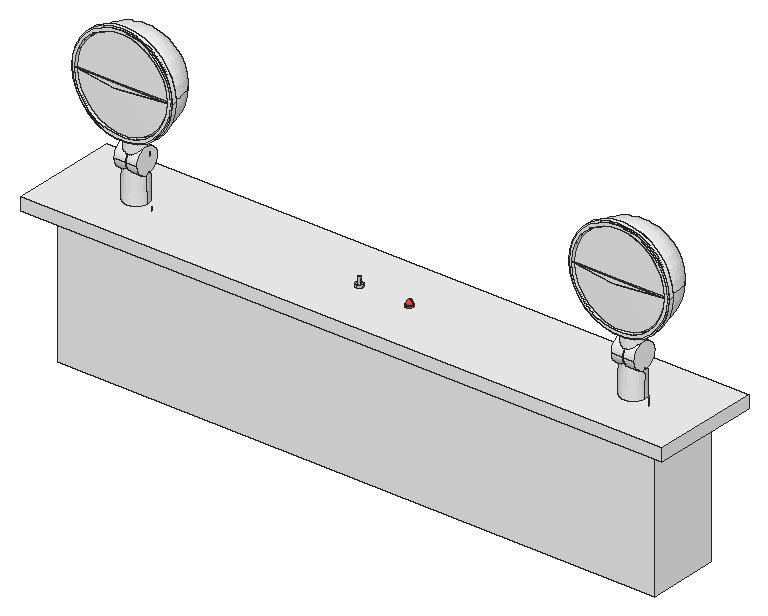
Revit family "CRU", category Lighting Fixtures, host Face, Revit 2021
Family settings
  Host = Face
  Round Connector Dimension = Use Diameter
  Part Type = Normal
  OmniClass Number = 23.80.70.11.14.17
  OmniClass Title = Direct/Indirect
  Cut with Voids When Loaded = No
  Light Source = No
  Shared = Yes
  Room Calculation Point = No
Parameters
  Warranty = "5-Years Warranty"  # constant formula
  Voltage = 120 V
  Type Comments = "Lighting Fixture"  # constant formula
  Switch = Paint -  Textured Camera Black
  Product Page URL = ""
  Product Documentation Link = ""
  Power Factor = 1
  Wattage Comments = "12W"
  URL = "https://www.currentlighting.com/dual-lite"
  Mounting = "Ceiling"  # constant formula
  Model = "Chicago Recessed Unit"  # constant formula
  Manufacturer = "Dual-Lite"  # constant formula
  Load Classification = Lighting
  Lamp = "Halogen Lamp"  # constant formula
  Indicator Bulb = Paint -  Red
  Glass = Glass -  White
  Description = "The CRU is a Damp Location Listed, City of Chicago Approved Steel Recessed Unit."  # constant formula
  Default Elevation = 1219.2 mm
  Copyright = "Copyright ©Dual-Lite"  # constant formula
  Contact Us = ""
  Housing Material = Paint - Matte White
  Assembly Code = "D5020200"
  Apparent Load = 0 VA
Reference planes
  plane 1 "Center (Front/Back)": y = 330.541
  plane 2: z = 0
  plane 3 "Center (Left/Right)": x = 0
  plane 4: y = 385.31
  plane 5: y = 275.772
  plane 6: y = 366.26
  plane 7: y = 294.822
  plane 8: x = 324.644
  plane 9: x = -324.644
  plane 10: x = -302.419
  plane 11: x = 302.419
  plane 12: z = -138.113
  plane 13: z = 12.7
  plane 14: x = 251.619
  plane 15: x = -251.619
  plane 16: x = -25.4
  plane 17: x = 25.4
Forms (mm)
  Extrusion 1, solid, material "Paint - Matte White" <- "Housing Material"
    sketch origin (0, 0, 0) x (1, 0, 0) y (0, 1, 0)
      loop
        line (-324.644, 385.31) -> (-324.644, 275.772) -> (324.644, 275.772) -> (324.644, 385.31) -> (-324.644, 385.31)
    from 0 to 12.7
  Extrusion 2, solid, material "Paint - Matte White" <- "Housing Material"
    sketch origin (0, 0, 0) x (1, 0, 0) y (0, 1, 0)
      loop
        line (-302.419, 366.26) -> (-302.419, 294.822) -> (302.419, 294.822) -> (302.419, 366.26) -> (-302.419, 366.26)
    from 0 to -138.113
  Revolve 3, solid, material "Paint -  Red" <- "Indicator Bulb"
    sketch origin (0, 330.541, 0) x (1, 0, 0) y (0, 0, 1)
      loop
        line (25.4, 12.7) -> (28.941, 12.7) -> (28.941, 13.489) -> (27.965, 13.489) -> (27.965, 14.497)
        arc (27.965, 14.497) -> (27.279, 17.11) -> (25.4, 19.05) r 5.324
        line (25.4, 19.05) -> (25.4, 12.7)
      axis (25.4, 19.05) -> (25.4, 12.7)
    angle from 0 to 360
  Revolve 4, solid
    sketch origin (0, 330.541, 0) x (1, 0, 0) y (0, 0, 1)
      loop
        line (-25.4, 11.974) -> (-21.961, 11.974) -> (-21.961, 14.895) -> (-23.925, 14.895) -> (-23.925, 21.533) -> (-25.4, 21.533) -> (-25.4, 11.974)
      axis (-25.4, 21.533) -> (-25.4, 11.974)
    angle from 0 to 360
Dimensions and locks
  plane 9 to plane 8 = 649.288 mm
  plane 10 to plane 11 = 604.837 mm
  plane 7 to plane 6 = 71.438 mm
  plane 5 to plane 4 = 109.538 mm
  plane 13 to plane 12 = 150.812 mm
  aligned and locked: plane 2 to host face
  aligned and locked: level to host face
  aligned and locked: plane 13 to Extrusion 1
  aligned and locked: Extrusion 2 to plane 12
  aligned and locked: Extrusion 1 to plane 2
  aligned and locked: plane 2 to Extrusion 2
  aligned and locked: plane 14 to nested 1
  aligned and locked: Revolve 3 sketch curve to plane 17
  aligned and locked: Revolve 4 sketch curve to plane 16
Nested families
  nested 1: "CRU" at (251.619, 330.541, 0), type "CRU"
  nested 2: "CRU" at (-251.619, 330.541, 0) x (-1, 0, 0) z (0, 0, 1), type "CRU"
Connectors
  electrical at (0, 366.26, -69.056)
    settings: on Extrusion 2, index 1, voltage 120 V, apparent load 12 VA, apparent load phase1 0 VA, apparent load phase2 0 VA, apparent load phase3 0 VA, power factor 1, load classification "Other", number of poles 1, system type 30, power factor state 1, is connector primary yes, connector utility no, sub classification motor no, connector description "Lighting Connector"
Definition of nested family "CRU"
  Parameters
    Wattage = 9.2903 W
    built-in parameter 1150110 = 1 (stored number, unit not read)
    built-in parameter 1114217 = 1 (stored number, unit not read)
    Tilt Angle = 0.00°
    built-in parameter 1150109 = 1 (stored number, unit not read)
    built-in parameter 1150134 = 3
    built-in parameter 1150113 = 1 (stored number, unit not read)
    Photometric Web File = "CRU-70522.IES"
    built-in parameter 1150105 = 4059.2 (stored number, unit not read)
    Lumens = 1380 lm
    built-in parameter 1150115 = 1 (stored number, unit not read)
    built-in parameter 1150137 = (empty or 0)
    built-in parameter 1150139 = (empty or 0)
    built-in parameter 1150112 = 1 (stored number, unit not read)
    built-in parameter 1150114 = 1 (stored number, unit not read)
    built-in parameter 1150132 = (empty or 0)
    built-in parameter 1150102 = (empty or 0)
    built-in parameter 1150107 = 3200 (stored number, unit not read)
    built-in parameter 1150138 = (empty or 0)
    built-in parameter 1150106 = 40.592 (stored number, unit not read)
    Housing Material = none
    Glass = none
    built-in parameter 1150104 = 13.8 (stored number, unit not read)
    Dimming Lamp Color Temperature Shift = (empty or 0)
    Default Elevation = 0 mm
    Color Filter = 16777215
    built-in parameter 1114218 = 1 (stored number, unit not read)
    built-in parameter 1150133 = 10 (stored number, unit not read)
  Reference planes
    plane 1 "Center (Front/Back)": y = 0
    plane 2: z = 0
    plane 3 "Center (Left/Right)": x = 0
    plane 4: z = 174.942
  Forms (mm)
    Blend 1, solid, material <- "Housing Material"
      base sketch origin (0, 0, 0) x (1, 0, 0) y (0, 1, 0)
        loop
          circle (0, 0) r 12.7
      top sketch origin (0, 0, 0) x (1, 0, 0) y (0, 1, 0)
        loop
          circle (0, 0) r 10.903
      from 0 to 46.456
    Revolve 2, solid, material <- "Housing Material"
      sketch origin (0, 0, 123.031) x (1, 0, 0) y (0, 1, 0)
        loop
          line (0, -16.535) -> (0, 27.121) -> (-16.053, 27.121)
          arc (-16.053, 27.121) -> (-42.366, 13.115) -> (-45.442, -16.535) r 31.72
          line (-45.442, -16.535) -> (0, -16.535)
        axis (0, 27.121) -> (0, -16.535)
      angle from 0 to 360
    Revolve 3, solid, material <- "Glass"
      sketch origin (0, -34.674, 123.031) x (1, 0, 0) y (0, 1, 0)
        loop
          line (0, 16.535) -> (-47.125, 16.535)
          arc (-47.125, 16.535) -> (-23.765, 11.397) -> (0, 8.689) r 232.194
          line (0, 8.689) -> (0, 16.535)
        axis (0, 8.689) -> (0, 16.535)
      angle from 0 to 360
    Sweep 4, solid, material <- "Housing Material"
      path in 3D
        loop
          arc (-47.125, -18.139, 123.031) -> (0, -18.139, 75.906) -> (47.125, -18.139, 123.031) r 47.125
          arc (47.125, -18.139, 123.031) -> (0, -18.139, 170.157) -> (-47.125, -18.139, 123.031) r 47.125
      profile origin (0, -18.139, 170.157) x (0, 0, 1) y (0, 1, 0)
        loop
          line (2.52, 0) -> (2.52, 1.347) -> (4, 1.347) -> (4, 4.79) -> (2.52, 4.79) -> (2.52, 6.35) -> (-0.651, 6.35)
          arc (-0.651, 6.35) -> (-0.095, 3.199) -> (-0.02, 0) r 21.204
          line (-0.02, 0) -> (2.52, 0)
    Blend 5, solid, material <- "Housing Material"
      base sketch origin (0, 0, 38.401) x (1, 0, 0) y (0, 1, 0)
        loop
          circle (0, 0) r 10.903
      top sketch origin (0, 0, 38.401) x (1, 0, 0) y (0, 1, 0)
        loop
          circle (0, 0) r 9.922
      from 13.791 to 46.169
    Extrusion 6, solid, material <- "Housing Material"
      sketch origin (0, 0, -5.953) x (0, 1, 0) y (0, 0, 1)
        loop
          circle (0, 56.759) r 12.7
      from 0 to 11.565
    Extrusion 7, solid, material <- "Housing Material"
      sketch origin (0, 0, -5.953) x (0, 1, 0) y (0, 0, -1)
        loop
          circle (0, -56.759) r 12.7
      from 0 to 11.534
  Cuts and joins
    joined: Blend 5, Extrusion 6
  Lines and regions (mm)
    sketch lines
      curve 1: arc (47.125, -18.139, 123.031) -> (0, -18.139, 170.157) -> (-47.125, -18.139, 123.031) r 47.125
      curve 2: arc (-47.125, -18.139, 123.031) -> (0, -18.139, 75.906) -> (47.125, -18.139, 123.031) r 47.125
  Dimensions and locks
    plane 4 to level = 174.943 mm
    aligned and locked: plane 2 to level
    aligned and locked: Extrusion 6 to plane 3 "Center (Left/Right)"
